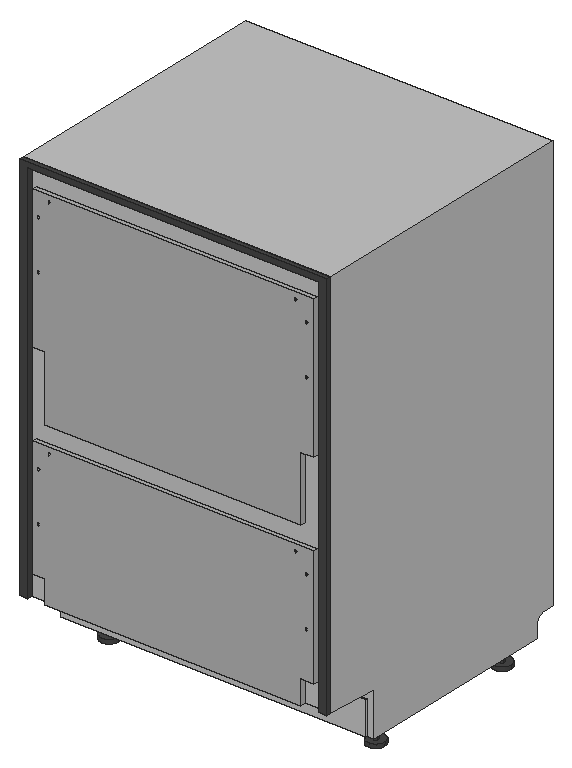
Revit family "FP_Revit_18_DD24DHTI9_N_DishDrawer_90000870A", category Specialty Equipment, Revit 2018
Family settings
  Round Connector Dimension = Use Diameter
  Part Type = Normal
  OmniClass Number = 23.40.40.14.31
  OmniClass Title = Cleaning and Disposal Equipment
  Work Plane-Based = No
  Always vertical = Yes
  Cut with Voids When Loaded = Yes
  Shared = No
  Room Calculation Point = No
Parameters (values of type "DD24DHTI9_N")
  Visibility - Handle = no
  Visibility - Door Panel = no
  Visibility - Clearance Required = yes
  URL = "www.fisherpaykel.com"
  Toe Kick - Recess (40mm - 100mm) [instance] = 100 mm
  Product - Width = 599 mm  # constant formula
  Product - Height (864mm - 924mm) [instance] = 900 mm
  Product - Depth = 553 mm  # constant formula
  Model = "DD24DHTI9_N"
  Material - Trim = Fisher & Paykel - Black
  Material - Door Structure = Fisher & Paykel - Aluminium
  Material - Door Front = Fisher & Paykel - Stainless Steel
  Material - Body = Fisher & Paykel - Grey
  Manufacturer = "Fisher & Paykel Appliances"
  Description = "Integrated Double DishDrawer"
  Connector Description - Water = "Supplied hose to suit 3⁄8” (9 mm) male compression fitting"
  Connector Description - Sanitary = "Drain Hose, No Fitting Required"
  Connector Description - Electrical = "110-120 V, 15 A, fused electrical supply"
  Chassis - Height (855mm Tall or 811mm Std) = 855 mm  # constant formula
  Cavity - Width = 600 mm  # constant formula
  Cavity - Height = 0 mm  # constant formula
  Cavity - Depth = 560 mm  # constant formula
Types (3, lengths in mm): name | Model
  (no name) | "DD24DHTI9_N"
  DD24DTI9_N | "DD24DTI9_N"
  DD24DHTI9_N | "DD24DHTI9_N"
Reference planes
  plane 1 "Datum": y = 0
  plane 2: z = 0
  plane 3 "Center (Left/Right)": x = 0
  plane 4: z = 0
  plane 5 "Product LHS": x = -299.5
  plane 6 "Product RHS": x = 299.5
  plane 7 "Product - Depth": y = 553
  plane 8 "Cavity LHS": x = -300
  plane 9 "Cavity RHS": x = 300
  plane 10 "Cavity - Depth": y = 560
  plane 11 "Leg Height": z = 45
  plane 12 "Product - Height": z = 900
  plane 13 "Cavity - Height": z = 902
  plane 14 "Door Front": y = -20.24
  plane 15 "Toe Kick Front 18mm": y = 79.76
Forms (mm)
  Extrusion 1, solid, material "Fisher & Paykel - Grey" <- "Material - Body"
    sketch origin (0, 0, 0) x (0, 1, 0) y (0, 0, 1)
      loop
        line (10, 900) -> (10, 136.398) -> (115, 129.503) -> (115, 45) -> (513, 45) -> (513, 64.972)
        arc (513, 64.972) -> (518.858, 79.114) -> (533, 84.972) r 20
        line (533, 84.972) -> (553, 84.972) -> (553, 900) -> (10, 900)
    from -299.5 to 299.5
  Extrusion 2, solid, material "Fisher & Paykel - Aluminium" <- "Material - Door Structure", detail levels fine
    sketch origin (0, 0, 0) x (1, 0, 0) y (0, 0, 1)
      loop
        line (-274, 856.4) -> (-274, 579.2) -> (-250, 579.2) -> (-250, 451.988) -> (250, 451.988) -> (250, 579.2) -> (274, 579.2) -> (274, 856.4) -> (-274, 856.4)
      loop
        line (-274, 415) -> (-274, 182) -> (-250, 182) -> (-250, 136) -> (250, 136) -> (250, 182) -> (274, 182) -> (274, 415) -> (-274, 415)
      loop
        circle (-240.999, 844.198) r 2.5
      loop
        circle (-261.999, 810.698) r 2.5
      loop
        circle (-261.999, 715.198) r 2.5
      loop
        circle (-262, 274) r 2.5
      loop
        circle (-262, 369.5) r 2.5
      loop
        circle (-241, 403) r 2.5
      loop
        circle (240.999, 844.198) r 2.5
      loop
        circle (261.999, 810.698) r 2.5
      loop
        circle (261.999, 715.198) r 2.5
      loop
        circle (262, 274) r 2.5
      loop
        circle (262, 369.5) r 2.5
      loop
        circle (241, 403) r 2.5
    from -10 to 0
  Extrusion 3, solid, material "Fisher & Paykel - Black" <- "Material - Trim"
    sketch origin (0, 0, 0) x (1, 0, 0) y (0, 0, 1)
      loop
        line (-299.5, 900) -> (-299.5, 136) -> (-283.999, 136) -> (-283.999, 890) -> (284, 890) -> (284, 136) -> (299.5, 136) -> (299.5, 900) -> (-299.5, 900)
    from -10 to 0
  Extrusion 4, solid, material "Fisher & Paykel - Black"
    sketch origin (0, 0, 0) x (1, 0, 0) y (0, 1, 0)
      loop
        circle (-260.6, 478.3) r 4
      loop
        circle (-260.6, 170.1) r 4
      loop
        circle (260.6, 478.3) r 4
      loop
        circle (260.6, 170.1) r 4
    from 7 to 45
  Extrusion 5, solid, material "Fisher & Paykel - Black"
    sketch origin (0, 0, 0) x (1, 0, 0) y (0, 1, 0)
      loop
        circle (-260.6, 170.1) r 17.816
      loop
        circle (-260.6, 478.3) r 17.816
      loop
        circle (260.6, 170.1) r 17.816
      loop
        circle (260.6, 478.3) r 17.816
    from 0 to 7
  Sweep 6, solid, material "Fisher & Paykel - Black", detail levels medium+fine
    path origin (0, 537.938, 0) x (1, 0, 0) y (0, 0, 1)
      loop
        line (-134.5, 84.972) -> (-134.5, 54.132)
        arc (-134.5, 54.132) -> (-140.358, 39.989) -> (-154.5, 34.132) r 20
        line (-154.5, 34.132) -> (-349.5, 34.132)
    profile origin (-134.5, 537.938, 69.552) x (0, -1, 0) y (1, 0, 0)
      loop
        circle (0, 0) r 9
  Sweep 7, solid, material "Fisher & Paykel - Black", detail levels medium+fine
    path origin (0, 537.938, 0) x (1, 0, 0) y (0, 0, 1)
      loop
        line (-189.5, 84.972) -> (-189.5, 73.507)
        arc (-189.5, 73.507) -> (-195.358, 59.364) -> (-209.5, 53.507) r 20
        line (-209.5, 53.507) -> (-349.5, 53.507)
    profile origin (-189.5, 537.938, 79.239) x (0, -1, 0) y (1, 0, 0)
      loop
        circle (0, 0) r 9
  Sweep 8, solid, material "Fisher & Paykel - Black", detail levels medium+fine
    path origin (0, 0, 0) x (1, 0, 0) y (0, 0, 1)
      loop
        line (-349.5, 67.736) -> (-66.993, 67.736)
        arc (-66.993, 67.736) -> (-58.507, 71.251) -> (-54.993, 79.736) r 12
        line (-54.993, 79.736) -> (-54.993, 84.972)
    profile origin (-54.993, 0, 82.354) x (-1, 0, 0) y (0, -1, 0)
      loop
        circle (0, -533.939) r 5
  Sweep 9, solid, material "Fisher & Paykel - Black", detail levels medium+fine
    path origin (0, 0, 0) x (1, 0, 0) y (0, 0, 1)
      loop
        line (-349.186, 53.851) -> (-218.186, 53.851)
        arc (-218.186, 53.851) -> (-204.044, 59.709) -> (-198.186, 73.851) r 20
        line (-198.186, 73.851) -> (-198.186, 84.972)
    profile origin (-198.186, 0, 79.412) x (-1, 0, 0) y (0, -1, 0)
      loop
        circle (0, -524.105) r 5
  Extrusion 10, solid, material "Fisher & Paykel - Clearance Required", visible <- "Visibility - Clearance Required", detail levels coarse
    sketch origin (0, 0, 0) x (0, 1, 0) y (0, 0, 1)
      loop
        line (-18, 0) -> (-18, 444.714) -> (-545, 444.714) -> (-545, 379.3) -> (-586, 379.3) -> (-586, 363.297) -> (-545, 363.297) -> (-545, 0) -> (-18, 0)
      loop
        line (-18, 451.988) -> (-18, 893.988) -> (-545, 893.988) -> (-545, 828.3) -> (-586, 828.3) -> (-586, 812.297) -> (-545, 812.297) -> (-545, 451.988) -> (-18, 451.988)
    from -300 to 300
  Extrusion 11, solid, material "Fisher & Paykel - Clearance Required", visible <- "Visibility - Clearance Required", detail levels coarse
    sketch origin (0, 0, 0) x (1, 0, 0) y (0, 1, 0)
      loop
        line (300, 560) -> (-300, 560) -> (-300, 0) -> (300, 0) -> (300, 560)
    from 0 to 906
  Extrusion 12, void
    sketch origin (0, 0, 0) x (1, 0, 0) y (0, 1, 0)
      loop
        line (-300, -18) -> (300, -18) -> (300, 560) -> (-300, 560) -> (-300, -18)
    from 0 to 902
  Extrusion 13, solid, material "Fisher & Paykel - Grey" <- "Material - Body", detail levels fine
    sketch origin (0, 0, 0) x (1, 0, 0) y (0, 0, 1)
      loop
        line (-297.5, 120.4) -> (-297.5, 55.4) -> (297.5, 55.4) -> (297.5, 120.4) -> (207.2, 120.4) -> (207.2, 113.4) -> (210.2, 113.4) -> (210.2, 109) -> (201.44, 109) -> (201.44, 84.145)
        arc (201.44, 84.145) -> (0, 65.4) -> (-201.44, 84.145) r 1091.719
        line (-201.44, 84.145) -> (-201.44, 109) -> (-210.2, 109) -> (-210.2, 113.4) -> (-207.2, 113.4) -> (-207.2, 120.4) -> (-297.5, 120.4)
      loop
        circle (230, 86.4) r 2.4
      loop
        circle (230, 106.4) r 2.4
      loop
        circle (-230, 86.4) r 2.4
      loop
        circle (-230, 106.4) r 2.4
    from -100.76 to -97.76
  Extrusion 14, solid, material "Fisher & Paykel - Stainless Steel" <- "Material - Door Front", visible <- "Visibility - Door Panel"
    sketch origin (0, 0, 0) x (1, 0, 0) y (0, 1, 0)
      loop
        line (-297.5, 0) -> (-297.5, -18) -> (297.5, -18) -> (297.5, 0) -> (-297.5, 0)
    from 451.988 to 893.988
  Extrusion 15, solid, material "Fisher & Paykel - Stainless Steel" <- "Material - Door Front", visible <- "Visibility - Door Panel"
    sketch origin (0, 0, 0) x (1, 0, 0) y (0, 1, 0)
      loop
        line (-297.5, 0) -> (-297.5, -18) -> (297.5, -18) -> (297.5, 0) -> (-297.5, 0)
    from 133.714 to 444.714
  Extrusion 16, void
    sketch origin (0, 0, 0) x (1, 0, 0) y (0, 0, 1)
      loop
        line (-219.5, 85) -> (-84, 85) -> (-84, 100.8) -> (-91.143, 127.459)
        arc (-91.143, 127.459) -> (-97.572, 137.08) -> (-108.53, 140.8) r 18
        line (-108.53, 140.8) -> (-194.97, 140.8)
        arc (-194.97, 140.8) -> (-205.928, 137.08) -> (-212.357, 127.459) r 18
        line (-212.357, 127.459) -> (-219.5, 100.8) -> (-219.5, 85)
    from -548 to -553
Cuts and joins
  Extrusion 16 cuts Extrusion 2
  Extrusion 16 cuts Extrusion 10
  Extrusion 16 cuts Extrusion 15
  Extrusion 16 cuts Extrusion 1
Lines and regions (mm)
  model lines
    curve 1: line (-297.5, 0, 893.988) -> (297.5, 0, 893.988)
    curve 2: line (-297.5, 0, 451.988) -> (-297.5, 0, 893.988)
    curve 3: line (297.5, 0, 451.988) -> (-297.5, 0, 451.988)
    curve 4: line (297.5, 0, 893.988) -> (297.5, 0, 451.988)
    curve 5: line (-297.5, 0, 444.714) -> (297.5, 0, 444.714)
    curve 6: line (-297.5, 0, 133.714) -> (-297.5, 0, 444.714)
    curve 7: line (297.5, 0, 133.714) -> (-297.5, 0, 133.714)
    curve 8: line (297.5, 0, 444.714) -> (297.5, 0, 133.714)
    curve 9: line (-297.5, 0, 893.988) -> (297.5, 0, 893.988)
    curve 10: line (-297.5, 0, 451.988) -> (-297.5, 0, 893.988)
    curve 11: line (297.5, 0, 451.988) -> (-297.5, 0, 451.988)
    curve 12: line (297.5, 0, 893.988) -> (297.5, 0, 451.988)
    curve 13: line (-297.5, 0, 444.714) -> (297.5, 0, 444.714)
    curve 14: line (-297.5, 0, 133.714) -> (-297.5, 0, 444.714)
    curve 15: line (297.5, 0, 133.714) -> (-297.5, 0, 133.714)
    curve 16: line (297.5, 0, 444.714) -> (297.5, 0, 133.714)
Text (mm)
  text "Due to ongoing product development, product details are subject to change without notice. \nPlease always refer to www.fisherpaykel.com for the most current product information. \n© Fisher & Paykel 2020" at (41.04, -690.05, 0), in view "Ref. Level (Plan)"
Dimensions and locks
  equal spacing: plane 5 "Product LHS", plane 3 "Center (Left/Right)", plane 6 "Product RHS"
  "Product - Width": plane 5 "Product LHS" to plane 6 "Product RHS"
  "Product - Depth": plane 1 "Datum" to plane 7 "Product - Depth"
  equal spacing: plane 8 "Cavity LHS", plane 3 "Center (Left/Right)", plane 9 "Cavity RHS"
  "Cavity - Width": plane 8 "Cavity LHS" to plane 9 "Cavity RHS"
  "Cavity - Depth": plane 10 "Cavity - Depth" to plane 1 "Datum"
  Extrusion 1 sketch curve to Extrusion 1 sketch curve = 855 mm
  Extrusion 2 sketch curve to plane 11 "Leg Height" = 370 mm
  "Chassis - Height (855mm Tall or 811mm Std)": plane 12 "Product - Height" to plane 11 "Leg Height"
  locked: Extrusion 2 sketch curve to plane 11 "Leg Height" at 534.2
  locked: plane 12 "Product - Height" to Extrusion 2 sketch curve at 43.6
  "Product - Height (864mm - 924mm)": plane 12 "Product - Height" to level
  plane 12 "Product - Height" to Extrusion 2 = 43.6 mm
  Extrusion 2 to plane 11 "Leg Height" = 370 mm
  Extrusion 2 to plane 11 "Leg Height" = 406.988 mm
  locked: plane 13 "Cavity - Height" to plane 12 "Product - Height" at 2
  locked: plane 11 "Leg Height" to Extrusion 13 at 10.4
  locked: plane 12 "Product - Height" to nested 1 at 71.7
  locked: plane 12 "Product - Height" to nested 2 at 520.7
  locked: plane 12 "Product - Height" to Extrusion 14 at 6.012
  locked: plane 12 "Product - Height" to Extrusion 14 at 448.012
  locked: plane 12 "Product - Height" to cut or joined group of Extrusion 15, Extrusion 16 at 455.286
  locked: plane 12 "Product - Height" to cut or joined group of Extrusion 15, Extrusion 16 at 766.286
  locked: plane 15 "Toe Kick Front 18mm" to Extrusion 13 at 18
  locked: Extrusion 13 to Extrusion 13 at 3
  "Toe Kick - Recess (40mm - 100mm)": plane 14 "Door Front" to plane 15 "Toe Kick Front 18mm"
  aligned and locked: level to plane 2
  aligned and locked: Extrusion 1 sketch curve to plane 11 "Leg Height"
  aligned and locked: plane 12 "Product - Height" to Extrusion 3 sketch curve
  aligned and locked: Extrusion 4 to Extrusion 5
  aligned and locked: plane 12 "Product - Height" to Extrusion 1
  aligned and locked: Extrusion 10 to plane 9 "Cavity RHS"
  aligned and locked: plane 8 "Cavity LHS" to Extrusion 10
  aligned and locked: Extrusion 11 sketch curve to plane 8 "Cavity LHS"
  aligned and locked: plane 1 "Datum" to Extrusion 11 sketch curve
  aligned and locked: Extrusion 11 sketch curve to plane 9 "Cavity RHS"
  aligned and locked: plane 10 "Cavity - Depth" to Extrusion 11 sketch curve
  aligned and locked: Extrusion 4 to Extrusion 1
  aligned and locked: plane 13 "Cavity - Height" to Extrusion 12
  aligned and locked: Extrusion 10 to level
  aligned and locked: curve 1 to Extrusion 14
  aligned and locked: curve 2 to Extrusion 14
  aligned and locked: curve 4 to Extrusion 14
  aligned and locked: curve 5 to cut or joined group of Extrusion 15, Extrusion 16
  aligned and locked: curve 6 to cut or joined group of Extrusion 15, Extrusion 16
  aligned and locked: curve 7 to cut or joined group of Extrusion 15, Extrusion 16
  aligned and locked: curve 8 to cut or joined group of Extrusion 15, Extrusion 16
Automatic sketch dimensions
  Extrusion 2 sketch curve to plane 5 "Product LHS" = 25.5 mm  (x2)
  Extrusion 2 sketch curve to plane 5 "Product LHS" = 37.5 mm  (x2)
  Extrusion 2 sketch curve to plane 5 "Product LHS" = 37.501 mm  (x2)
  Extrusion 2 sketch curve to Extrusion 2 sketch curve = 24 mm
  Extrusion 2 sketch curve to plane 5 "Product LHS" = 49.5 mm
  Extrusion 2 sketch curve to Extrusion 2 sketch curve = 33 mm
  Extrusion 2 sketch curve to Extrusion 2 sketch curve = 33.001 mm
  plane 6 "Product RHS" to Extrusion 2 sketch curve = 58.501 mm
  plane 6 "Product RHS" to Extrusion 2 sketch curve = 58.5 mm
  plane 6 "Product RHS" to Extrusion 2 sketch curve = 49.5 mm  (x2)
  plane 6 "Product RHS" to Extrusion 2 sketch curve = 37.501 mm  (x2)
  plane 6 "Product RHS" to Extrusion 2 sketch curve = 37.5 mm  (x2)
  plane 6 "Product RHS" to Extrusion 2 sketch curve = 25.5 mm  (x2)
  Extrusion 2 sketch curve to Extrusion 2 sketch curve = 12 mm  (x2)
  Extrusion 2 sketch curve to Extrusion 2 sketch curve = 33.5 mm  (x2)
  Extrusion 2 sketch curve to Extrusion 2 sketch curve = 95.5 mm  (x2)
  Extrusion 2 sketch curve to Extrusion 2 sketch curve = 92 mm  (x2)
  Extrusion 2 sketch curve to Extrusion 2 sketch curve = 46 mm
  Extrusion 2 sketch curve to Extrusion 2 sketch curve = 36.988 mm
  Extrusion 2 sketch curve to Extrusion 2 sketch curve = 127.212 mm
  Extrusion 2 sketch curve to Extrusion 2 sketch curve = 135.998 mm  (x2)
  Extrusion 2 sketch curve to Extrusion 2 sketch curve = 45.702 mm  (x2)
  Extrusion 2 sketch curve to Extrusion 2 sketch curve = 12.202 mm  (x2)
  plane 5 "Product LHS" to Extrusion 3 sketch curve = 0 mm
  plane 6 "Product RHS" to Extrusion 3 sketch curve = 0 mm
  Extrusion 3 sketch curve to plane 5 "Product LHS" = 15.501 mm
  plane 6 "Product RHS" to Extrusion 3 sketch curve = 15.5 mm
  Extrusion 3 sketch curve to plane 12 "Product - Height" = 10 mm
  Extrusion 3 sketch curve to plane 11 "Leg Height" = 91 mm  (x2)
  Extrusion 4 sketch curve to plane 5 "Product LHS" = 38.9 mm  (x2)
  plane 6 "Product RHS" to Extrusion 4 sketch curve = 38.9 mm  (x2)
  Extrusion 4 sketch curve to plane 1 "Datum" = 170.1 mm  (x2)
  Extrusion 4 sketch curve to plane 7 "Product - Depth" = 74.7 mm  (x2)
  Extrusion 5 sketch curve to plane 5 "Product LHS" = 38.9 mm  (x2)
  plane 6 "Product RHS" to Extrusion 5 sketch curve = 38.9 mm  (x2)
  Extrusion 5 sketch curve to plane 1 "Datum" = 170.1 mm  (x2)
  Extrusion 5 sketch curve to plane 7 "Product - Depth" = 74.7 mm  (x2)
  plane 11 "Leg Height" to Sweep 6 sketch curve = 10.868 mm
  Sweep 6 sketch curve to plane 5 "Product LHS" = 145 mm
  Sweep 6 sketch curve to plane 11 "Leg Height" = 9.132 mm
  plane 8 "Cavity LHS" to Sweep 6 sketch curve = 49.5 mm
  Sweep 6 sketch curve to Sweep 6 sketch curve = 30.84 mm
  Sweep 6 sketch curve to profile plane = 0 mm
  profile plane to Sweep 6 sketch curve = 0 mm
  Sweep 7 sketch curve to plane 11 "Leg Height" = 8.507 mm
  Sweep 7 sketch curve to plane 5 "Product LHS" = 90 mm
  Sweep 7 sketch curve to Sweep 7 sketch curve = 20 mm
  plane 8 "Cavity LHS" to Sweep 7 sketch curve = 49.5 mm
  Sweep 7 sketch curve to Sweep 7 sketch curve = 11.465 mm
  Sweep 7 sketch curve to profile plane = 0 mm
  profile plane to Sweep 7 sketch curve = 0 mm
  Sweep 8 sketch curve to plane 11 "Leg Height" = 22.736 mm
  Sweep 8 sketch curve to plane 3 "Center (Left/Right)" = 66.993 mm
  Sweep 8 sketch curve to Sweep 8 sketch curve = 12 mm
  plane 8 "Cavity LHS" to Sweep 8 sketch curve = 49.5 mm
  Sweep 8 sketch curve to Sweep 8 sketch curve = 5.236 mm
  Sweep 8 sketch curve to profile plane = 0 mm
  Sweep 8 sketch curve to plane 1 "Datum" = 533.939 mm
  Sweep 9 sketch curve to plane 11 "Leg Height" = 8.851 mm
  Sweep 9 sketch curve to plane 5 "Product LHS" = 81.314 mm
  Sweep 9 sketch curve to Sweep 9 sketch curve = 20 mm
  plane 8 "Cavity LHS" to Sweep 9 sketch curve = 49.186 mm
  Sweep 9 sketch curve to Sweep 9 sketch curve = 11.121 mm
  Sweep 9 sketch curve to profile plane = 0 mm
  Sweep 9 sketch curve to plane 1 "Datum" = 524.105 mm
  Extrusion 12 sketch curve to plane 8 "Cavity LHS" = 0 mm
  Extrusion 12 sketch curve to plane 9 "Cavity RHS" = 0 mm
  Extrusion 12 sketch curve to plane 10 "Cavity - Depth" = 0 mm
  plane 1 "Datum" to Extrusion 12 sketch curve = 18 mm
  Extrusion 13 sketch curve to plane 3 "Center (Left/Right)" = 0 mm
  Extrusion 13 sketch curve to plane 5 "Product LHS" = 98.06 mm
  Extrusion 13 sketch curve to Extrusion 13 sketch curve = 5.76 mm  (x2)
  Extrusion 13 sketch curve to Extrusion 13 sketch curve = 3 mm  (x2)
  Extrusion 13 sketch curve to Extrusion 13 sketch curve = 28.56 mm
  Extrusion 13 sketch curve to Extrusion 13 sketch curve = 19.8 mm  (x2)
  Extrusion 13 sketch curve to plane 5 "Product LHS" = 2 mm
  plane 6 "Product RHS" to Extrusion 13 sketch curve = 98.06 mm
  Extrusion 13 sketch curve to Extrusion 13 sketch curve = 0 mm
  plane 6 "Product RHS" to Extrusion 13 sketch curve = 2 mm
  Extrusion 13 sketch curve to plane 11 "Leg Height" = 10.4 mm
  Extrusion 13 sketch curve to plane 11 "Leg Height" = 39.145 mm
  Extrusion 13 sketch curve to Extrusion 13 sketch curve = 2.255 mm  (x2)
  Extrusion 13 sketch curve to Extrusion 13 sketch curve = 20 mm  (x2)
  Extrusion 13 sketch curve to Extrusion 13 sketch curve = 2.6 mm
  Extrusion 13 sketch curve to Extrusion 13 sketch curve = 24.855 mm
  Extrusion 13 sketch curve to Extrusion 13 sketch curve = 4.4 mm  (x2)
  Extrusion 13 sketch curve to Extrusion 13 sketch curve = 7 mm  (x2)
  plane 13 "Cavity - Height" to Extrusion 13 sketch curve = 255.119 mm
  Extrusion 14 sketch curve to plane 5 "Product LHS" = 2 mm
  plane 6 "Product RHS" to Extrusion 14 sketch curve = 2 mm
  Extrusion 15 sketch curve to plane 5 "Product LHS" = 2 mm
  plane 6 "Product RHS" to Extrusion 15 sketch curve = 2 mm
  Extrusion 10 sketch curve to plane 12 "Product - Height" = 71.7 mm
  plane 1 "Datum" to Extrusion 10 sketch curve = 586 mm
  Extrusion 10 sketch curve to Extrusion 10 sketch curve = 0 mm  (x5)
  plane 1 "Datum" to Extrusion 10 sketch curve = 18 mm
  Extrusion 10 sketch curve to Extrusion 10 sketch curve = 16.003 mm  (x2)
  Extrusion 10 sketch curve to Extrusion 10 sketch curve = 360.309 mm
  Extrusion 10 sketch curve to Extrusion 10 sketch curve = 7.274 mm
  Extrusion 10 sketch curve to Extrusion 10 sketch curve = 65.414 mm
  plane 11 "Leg Height" to Extrusion 10 sketch curve = 45 mm
  Extrusion 10 sketch curve to plane 12 "Product - Height" = 6.012 mm
  Extrusion 10 sketch curve to Extrusion 10 sketch curve = 41 mm
  Extrusion 16 sketch curve to plane 11 "Leg Height" = 40 mm
  Extrusion 16 sketch curve to plane 5 "Product LHS" = 80 mm
  Extrusion 16 sketch curve to Extrusion 16 sketch curve = 7.143 mm  (x2)
  Extrusion 16 sketch curve to Extrusion 16 sketch curve = 17.387 mm  (x2)
  Extrusion 16 sketch curve to Extrusion 16 sketch curve = 86.44 mm
  Extrusion 16 sketch curve to Extrusion 16 sketch curve = 15.8 mm  (x2)
  Extrusion 16 sketch curve to Extrusion 16 sketch curve = 22 mm  (x2)
  Extrusion 16 sketch curve to Extrusion 16 sketch curve = 4.659 mm
  plane 1 "Datum" to Extrusion 14 sketch curve = 0 mm
  plane 1 "Datum" to Extrusion 14 sketch curve = 18 mm
  plane 1 "Datum" to Extrusion 15 sketch curve = 0 mm
  plane 1 "Datum" to Extrusion 15 sketch curve = 18 mm
  Extrusion 1 sketch curve to plane 7 "Product - Depth" = 0 mm
  Extrusion 1 sketch curve to plane 7 "Product - Depth" = 20 mm
  Extrusion 1 sketch curve to Extrusion 1 sketch curve = 20 mm
  Extrusion 1 sketch curve to plane 1 "Datum" = 115 mm
  Extrusion 1 sketch curve to plane 1 "Datum" = 10 mm
  Extrusion 1 sketch curve to plane 11 "Leg Height" = 19.972 mm
  Extrusion 1 sketch curve to plane 11 "Leg Height" = 84.503 mm
  Extrusion 1 sketch curve to plane 11 "Leg Height" = 91.398 mm
  curve 5 to curve 12 = 7.274 mm
  radius of Extrusion 2 sketch curve = 2.5 mm  (x12)
  radius of Extrusion 4 sketch curve = 4 mm  (x4)
  radius of Extrusion 5 sketch curve = 17.816 mm  (x4)
  radius of Sweep 6 sketch curve = 9 mm
  radius of Sweep 7 sketch curve = 9 mm
  radius of Sweep 8 sketch curve = 5 mm
  radius of Sweep 9 sketch curve = 5 mm
  radius of Extrusion 13 sketch curve = 2.4 mm  (x4)
Nested families
  nested 1: "F&P Handle Contemporary Square - Horizontal" at (0, -20, 820.322), visible <- "Visibility - Handle", type "565mm"
  nested 2: "F&P Handle Contemporary Square - Horizontal" at (0, -20, 371.322), visible <- "Visibility - Handle", type "565mm"
Connectors
  electrical at (-349.5, 533.939, 67.736), driven by "Connector Description - Electrical"
    settings: on Sweep 8, index 1, voltage 120 V, apparent load 0 VA, apparent load phase1 0 VA, apparent load phase2 0 VA, apparent load phase3 0 VA, power factor 1, load classification "Other", number of poles 1, system type 30, power factor state 1, is connector primary yes, connector utility no, sub classification motor no, connector description "110-120 V, 15 A, fused electrical supply"
  piping at (-349.186, 524.105, 53.851), diameter 10, driven by "Connector Description - Water"
    settings: on Sweep 9, index 2, connector inside diameter 609.6 mm, connector length 0 mm, flow factor 0, pipe flow 0.0 L/s, pressure drop 0.0 Pa, fitting loss kfactor 0, connector angle 0.00°, fixture units 0, engagement length 0 mm, angle of deflection 0.00°, flow configuration 0, flow direction 1, fitting loss method 0, system type 20, joint type 0, gender type 0, connector reference index -1, connector utility 0, adjustable connector no, is connector primary yes, connector description "Supplied hose to suit 3⁄8” (9 mm) male compression fitting"
  piping at (-349.5, 537.938, 53.507), diameter 15.9, driven by "Connector Description - Sanitary"
    settings: on Sweep 7, index 3, connector inside diameter 609.6 mm, connector length 0 mm, flow factor 0, pipe flow 0.0 L/s, pressure drop 0.0 Pa, fitting loss kfactor 0, connector angle 0.00°, fixture units 0, engagement length 0 mm, angle of deflection 0.00°, flow configuration 0, flow direction 2, fitting loss method 0, system type 16, joint type 0, gender type 0, connector reference index -1, connector utility 0, adjustable connector no, is connector primary no, connector description "Drain Hose, No Fitting Required"
  piping at (-349.5, 537.938, 34.132), diameter 15.9, driven by "Connector Description - Sanitary"
    settings: on Sweep 6, index 4, connector inside diameter 609.6 mm, connector length 0 mm, flow factor 0, pipe flow 0.0 L/s, pressure drop 0.0 Pa, fitting loss kfactor 0, connector angle 0.00°, fixture units 0, engagement length 0 mm, angle of deflection 0.00°, flow configuration 0, flow direction 2, fitting loss method 0, system type 16, joint type 0, gender type 0, connector reference index -1, connector utility 0, adjustable connector no, is connector primary no, connector description "Drain Hose, No Fitting Required"
Definition of nested family "F&P Handle Contemporary Square - Horizontal"
  Parameters (values of type "565mm")
    URL = "www.fisherpaykel.com"
    Material - Handle = none
    Manufacturer = "Fisher & Paykel Appliances"
    Handle - Standoff = 100 mm
    Handle - Length = 565 mm
  Reference planes
    plane 1 "Center (Front/Back)": y = 0
    plane 2: z = 0
    plane 3 "Center (Left/Right)": x = 0
    plane 4 "Product LHS": x = -282.5
    plane 5 "Product RHS": x = 282.5
    plane 6 "LHS Standoff": x = -182.5
    plane 7 "RHS Standoff": x = 182.5
  Forms (mm)
    Extrusion 1, solid, material <- "Material - Handle", detail levels fine
      sketch origin (0, 0, 0) x (0, 1, 0) y (0, 0, 1)
        loop
          arc (-27.701, 7.561) -> (-28.057, 7.868) -> (-28.514, 7.978) r 1
          line (-28.514, 7.978) -> (-39.5, 7.978)
          arc (-39.5, 7.978) -> (-40.561, 7.539) -> (-41, 6.478) r 1.5
          line (-41, 6.478) -> (-41, -6.522)
          arc (-41, -6.522) -> (-40.561, -7.583) -> (-39.5, -8.022) r 1.5
          line (-39.5, -8.022) -> (-28.487, -8.022)
          arc (-28.487, -8.022) -> (-28.029, -7.911) -> (-27.673, -7.602) r 1
          arc (-27.673, -7.602) -> (-25.256, -0.016) -> (-27.701, 7.561) r 13.038
      from -282.5 to 282.5
    Extrusion 2, solid, material <- "Material - Handle", detail levels fine
      sketch origin (0, 0, 0) x (0, 1, 0) y (0, 0, 1)
        loop
          arc (-27.23, 7.062) -> (-25.156, 0.008) -> (-27.198, -7.056) r 13.136
          arc (-27.198, -7.056) -> (-27.21, -7.463) -> (-26.86, -7.67) r 0.4
          line (-26.86, -7.67) -> (0, -7.67) -> (0, 7.678) -> (-26.893, 7.678)
          arc (-26.893, 7.678) -> (-27.244, 7.47) -> (-27.23, 7.062) r 0.4
      from 182.5 to 282.5
    Extrusion 3, solid, material <- "Material - Handle", detail levels fine
      sketch origin (0, 0, 0) x (0, 1, 0) y (0, 0, -1)
        loop
          arc (-27.23, -7.062) -> (-27.244, -7.47) -> (-26.893, -7.678) r 0.4
          line (-26.893, -7.678) -> (0, -7.678) -> (0, 7.67) -> (-26.86, 7.67)
          arc (-26.86, 7.67) -> (-27.21, 7.463) -> (-27.198, 7.056) r 0.4
          arc (-27.198, 7.056) -> (-25.156, -0.008) -> (-27.23, -7.062) r 13.136
      from 182.5 to 282.5
    Sweep 4, void
      path in 3D
        loop
          line (282.5, -28.514, 7.978) -> (282.5, -39.5, 7.978)
          arc (282.5, -39.5, 7.978) -> (282.5, -40.561, 7.539) -> (282.5, -41, 6.478) r 1.5
          line (282.5, -41, 6.478) -> (282.5, -41, -6.522)
          arc (282.5, -41, -6.522) -> (282.5, -40.561, -7.583) -> (282.5, -39.5, -8.022) r 1.5
          line (282.5, -39.5, -8.022) -> (282.5, -28.487, -8.022)
      profile origin (282.5, -34.007, 7.978) x (1, 0, 0) y (0, 0, 1)
        loop
          line (0, 0) -> (-1.3, 0) -> (0, -1.3) -> (0, 0)
    Sweep 5, void
      path in 3D
        loop
          line (-282.5, -28.487, -8.022) -> (-282.5, -39.5, -8.022)
          arc (-282.5, -39.5, -8.022) -> (-282.5, -40.561, -7.583) -> (-282.5, -41, -6.522) r 1.5
          line (-282.5, -41, -6.522) -> (-282.5, -41, 6.478)
          arc (-282.5, -41, 6.478) -> (-282.5, -40.561, 7.539) -> (-282.5, -39.5, 7.978) r 1.5
          line (-282.5, -39.5, 7.978) -> (-282.5, -28.514, 7.978)
      profile origin (-282.5, -34.007, 7.978) x (-1, 0, 0) y (0, 0, 1)
        loop
          line (0, 0) -> (-1.3, 0) -> (0, -1.3) -> (0, 0)
    Extrusion 6, void
      sketch origin (0, 0, 0) x (1, 0, 0) y (0, 0, 1)
        loop
          line (282.5, 7.978) -> (281.2, 7.978) -> (282.5, 6.678) -> (282.5, 7.978)
        loop
          line (282.5, -8.022) -> (282.5, -6.722) -> (281.2, -8.022) -> (282.5, -8.022)
      from 0 to 28.514
    Extrusion 7, void
      sketch origin (0, 0, 0) x (1, 0, 0) y (0, 0, 1)
        loop
          line (-282.5, 7.978) -> (-282.5, 6.678) -> (-281.2, 7.978) -> (-282.5, 7.978)
        loop
          line (-282.5, -8.022) -> (-281.2, -8.022) -> (-282.5, -6.722) -> (-282.5, -8.022)
      from 0 to 28.487
    Extrusion 8, solid, material <- "Material - Handle", detail levels coarse+medium
      sketch origin (0, 0, 0) x (1, 0, 0) y (0, 1, 0)
        loop
          line (-282.5, -41) -> (282.5, -41) -> (282.5, 0) -> (182.5, 0) -> (182.5, -26.156) -> (-182.5, -26.156) -> (-182.5, 0) -> (-282.5, 0) -> (-282.5, -41)
      from -8.022 to 7.978
  Cuts and joins
    Sweep 4, Sweep 5, Extrusion 6, Extrusion 7 cuts Extrusion 1
    Extrusion 6 cuts Extrusion 2
    Extrusion 7 cuts Extrusion 3
  Lines and regions (mm)
    sketch lines
      curve 1: line (282.5, -28.514, 7.978) -> (282.5, -39.5, 7.978)
      curve 2: arc (282.5, -41, 6.478) -> (282.5, -40.561, 7.539) -> (282.5, -39.5, 7.978) r 1.5
      curve 3: line (282.5, -41, 6.478) -> (282.5, -41, -6.522)
      curve 4: arc (282.5, -39.5, -8.022) -> (282.5, -40.561, -7.583) -> (282.5, -41, -6.522) r 1.5
      curve 5: line (282.5, -39.5, -8.022) -> (282.5, -28.487, -8.022)
      curve 6: line (-282.5, -39.5, 7.978) -> (-282.5, -28.514, 7.978)
      curve 7: arc (-282.5, -39.5, 7.978) -> (-282.5, -40.561, 7.539) -> (-282.5, -41, 6.478) r 1.5
      curve 8: line (-282.5, -41, -6.522) -> (-282.5, -41, 6.478)
      curve 9: arc (-282.5, -41, -6.522) -> (-282.5, -40.561, -7.583) -> (-282.5, -39.5, -8.022) r 1.5
      curve 10: line (-282.5, -28.487, -8.022) -> (-282.5, -39.5, -8.022)
  Dimensions and locks
    equal spacing: plane 4 "Product LHS", plane 3 "Center (Left/Right)", plane 5 "Product RHS"
    "Handle - Length": plane 4 "Product LHS" to plane 5 "Product RHS"
    "Handle - Standoff": plane 4 "Product LHS" to plane 6 "LHS Standoff"
    "Handle - Standoff": plane 7 "RHS Standoff" to plane 5 "Product RHS"
    Extrusion 8 to plane 1 "Center (Front/Back)" = 41 mm
    aligned and locked: level to plane 2
    aligned and locked: Extrusion 1 to plane 5 "Product RHS"
    aligned and locked: plane 4 "Product LHS" to Extrusion 1
    aligned and locked: Extrusion 2 to plane 5 "Product RHS"
    aligned and locked: plane 4 "Product LHS" to Extrusion 3
    aligned and locked: plane 4 "Product LHS" to Extrusion 8 sketch curve
    aligned and locked: Extrusion 8 sketch curve to plane 5 "Product RHS"
    aligned and locked: Extrusion 8 sketch curve to plane 7 "RHS Standoff"
    aligned and locked: plane 6 "LHS Standoff" to Extrusion 8 sketch curve
    aligned and locked: Extrusion 2 to plane 7 "RHS Standoff"
    aligned and locked: plane 6 "LHS Standoff" to Extrusion 3
  Automatic sketch dimensions
    Extrusion 1 sketch curve to level = 6.522 mm
    plane 1 "Center (Front/Back)" to Extrusion 1 sketch curve = 41 mm
    Extrusion 1 sketch curve to Extrusion 1 sketch curve = 1.5 mm  (x2)
    Extrusion 1 sketch curve to level = 0.04 mm
    Extrusion 1 sketch curve to Extrusion 1 sketch curve = 1.206 mm
    level to Extrusion 1 sketch curve = 6.978 mm
    Extrusion 1 sketch curve to Extrusion 1 sketch curve = 10.986 mm
    Extrusion 1 sketch curve to Extrusion 1 sketch curve = 11.013 mm
    Extrusion 1 sketch curve to Extrusion 1 sketch curve = 1 mm
    level to Extrusion 1 sketch curve = 6.478 mm
    Extrusion 1 sketch curve to Extrusion 1 sketch curve = 0 mm
    Extrusion 2 sketch curve to plane 1 "Center (Front/Back)" = 0 mm
    Extrusion 2 sketch curve to level = 7.67 mm
    Extrusion 2 sketch curve to Extrusion 2 sketch curve = 26.86 mm
    level to Extrusion 2 sketch curve = 7.678 mm
    Extrusion 2 sketch curve to Extrusion 2 sketch curve = 0.033 mm
    Extrusion 2 sketch curve to level = 0.022 mm
    Extrusion 2 sketch curve to Extrusion 2 sketch curve = 11.398 mm
    Extrusion 2 sketch curve to Extrusion 2 sketch curve = 0.4 mm  (x2)
    Extrusion 2 sketch curve to Extrusion 2 sketch curve = 0 mm
    Extrusion 3 sketch curve to plane 1 "Center (Front/Back)" = 0 mm
    Extrusion 3 sketch curve to level = 7.67 mm
    Extrusion 3 sketch curve to Extrusion 3 sketch curve = 26.86 mm
    level to Extrusion 3 sketch curve = 7.678 mm
    Extrusion 3 sketch curve to Extrusion 3 sketch curve = 0.033 mm
    Extrusion 3 sketch curve to level = 0.022 mm
    Extrusion 3 sketch curve to Extrusion 3 sketch curve = 11.398 mm
    Extrusion 3 sketch curve to Extrusion 3 sketch curve = 0.4 mm  (x2)
    Extrusion 3 sketch curve to Extrusion 3 sketch curve = 0 mm
    profile plane to Sweep 4 sketch curve = 0 mm
    Sweep 4 sketch curve to profile plane = 0 mm
    Sweep 4 sketch curve to profile plane = 1.3 mm
    profile plane to Sweep 4 sketch curve = 1.3 mm
    Sweep 5 sketch curve to profile plane = 0 mm  (x2)
    profile plane to Sweep 5 sketch curve = 1.3 mm
    Sweep 5 sketch curve to profile plane = 1.3 mm
    plane 5 "Product RHS" to Extrusion 6 sketch curve = 0 mm  (x2)
    Extrusion 6 sketch curve to Extrusion 6 sketch curve = 1.3 mm  (x4)
    Extrusion 6 sketch curve to level = 6.722 mm
    level to Extrusion 6 sketch curve = 6.678 mm
    plane 4 "Product LHS" to Extrusion 7 sketch curve = 0 mm  (x2)
    Extrusion 7 sketch curve to plane 4 "Product LHS" = 1.3 mm  (x2)
    Extrusion 7 sketch curve to level = 8.022 mm
    level to Extrusion 7 sketch curve = 6.678 mm
    Extrusion 7 sketch curve to Extrusion 7 sketch curve = 1.3 mm  (x2)
    plane 1 "Center (Front/Back)" to Extrusion 8 sketch curve = 0 mm  (x2)
    Extrusion 8 sketch curve to Extrusion 8 sketch curve = 26.156 mm
    Extrusion 8 sketch curve to Extrusion 8 sketch curve = 41 mm
